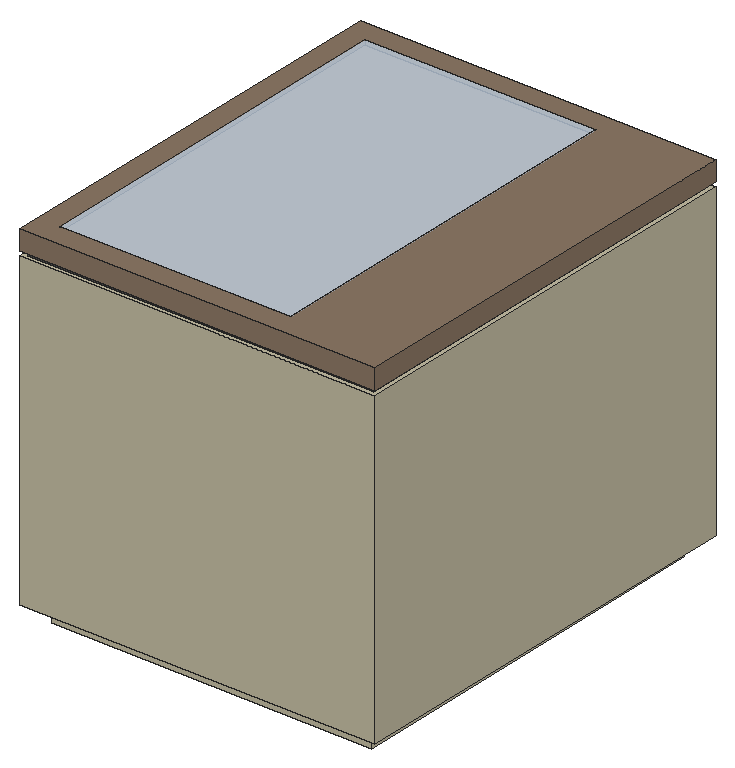
Revit family
Parameters
  URL = "http://www.martinbrattrud.com"
  Table Glass [instance] = none
  Table [instance] = none
  SCS Certified Product = "Yes"
  Model = "Manele 2003-02R"
  Manufacturer = "Martin Brattrud, Inc."
  Keynote = "125000"
  Copyright = "© 2013 Martin Brattrud, Inc."
  Chair White = none
  Authoring Version = "Revit Architecture 2010"
  Assembly Code = "E2020200"
Reference planes (in)
  plane 1: z = 0
Forms (in)
  Extrusion 1, solid, material <- "Table"
    sketch origin (0, 0, 0) x (1, 0, 0) y (0, 1, 0)
      loop
        line (-9, 11) -> (-9, -11) -> (9, -11) -> (9, 11) -> (-9, 11)
    from 0 to 1
  Extrusion 2, solid, material <- "Table"
    sketch origin (0, 0, 0) x (1, 0, 0) y (0, 1, 0)
      loop
        line (-10, 12) -> (-10, -12) -> (10, -12) -> (10, 12) -> (-10, 12)
    from 1 to 18.62
  Extrusion 3, solid, material <- "Table"
    sketch origin (0, 0, 0) x (1, 0, 0) y (0, 1, 0)
      loop
        line (-10, 12) -> (-10, -12) -> (10, -12) -> (10, 12) -> (-10, 12)
    from 18.87 to 20
  Extrusion 4, solid, material <- "Table"
    sketch origin (0, 0, 0) x (1, 0, 0) y (0, 1, 0)
      loop
        line (9.75, -11.75) -> (9.75, 11.75) -> (-9.75, 11.75) -> (-9.75, -11.75) -> (9.75, -11.75)
    from 18.62 to 18.87
  Extrusion 5, void
    sketch origin (0, 0, 0) x (1, 0, 0) y (0, 1, 0)
      loop
        line (-8.75, 10.75) -> (-8.75, -10.75) -> (4.25, -10.75) -> (4.25, 10.75) -> (-8.75, 10.75)
    from 19.75 to 20
  Extrusion 6, solid, material <- "Table Glass"
    sketch origin (0, 0, 0) x (1, 0, 0) y (0, 1, 0)
      loop
        line (4.25, 10.75) -> (-8.75, 10.75) -> (-8.75, -10.75) -> (4.25, -10.75) -> (4.25, 10.75)
    from 19.75 to 20
Cuts and joins
  Extrusion 5 cuts Extrusion 1
  Extrusion 5 cuts Extrusion 2
  Extrusion 5 cuts Extrusion 3
